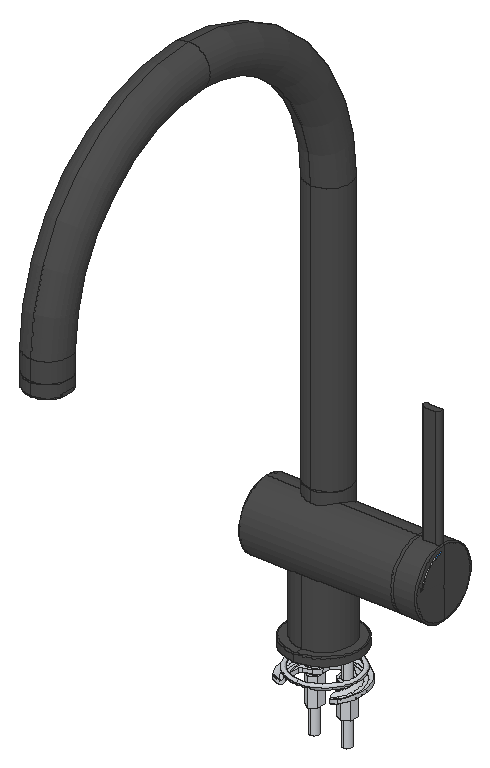
Revit family "Reece_Tap_Roca_Ona_Sink Mixer_Gooseneck", category Plumbing Fixtures, host Face, Revit 2018
Family settings
  Host = Face
  Round Connector Dimension = Use Diameter
  Part Type = Normal
  Cut with Voids When Loaded = No
  Shared = Yes
  Room Calculation Point = Yes
Parameters (values of type "225 mm_Matte Black")
  WFU = 0  # constant formula
  URL = "https://www.reece.com.au/product/-13718"
  Type Comments = "Tap"
  Reece_Tap_Reach = 225 mm  # constant formula
  Reece_Tap_Inlet = 12 mm  # constant formula
  Reece_Tap_Clearance = 249 mm  # constant formula
  Reece_Product_Web Page = "https://www.reece.com.au/product/-13718"
  Reece_Product_Type = "Tap"  # constant formula
  Reece_Product_Sub Brand = "Ona"  # constant formula
  Reece_Product_Number = "13718"
  Reece_Product_Mount = "Hob Mounted"  # constant formula
  Reece_Product_Description = "Roca Ona Gooseneck Sink Mixer Tap Matte Black (5 Star) Lead Free"
  Reece_Product_Brand = "Roca"  # constant formula
  Reece_Overall_Height = 400 mm  # constant formula
  Reece_Material_Tap_Hot = Render_Hot_Water_Cap
  Reece_Material_Tap_Cold = Render_Cold_Water_Cap
  Reece_Material_Secondary = Reece_Cap_Grey
  Reece_Material_Main = Reece_Brass_Matte Black
  Reece_Detail_Installation = ""
  Reece_Detail_Disclaimer = "THIS FILE IS THE PROPERTY OF THE REECE GROUP. IT MAY NOT BE REPRODUCED, REVERSE-ENGINEERED, OR MODIFIED. ANY REPUBLICATION, TRANSMISSION, OR DISTRIBUTION FOR THE PURPOSE OF COMMERCIALLY EXPLOITING THE FILES IS PROHIBITED."  # constant formula
  Reece_Detail_Connector = ""
  Reece_Detail_Additional = "Sink Mixer\r\n"  # constant formula
  Model = "Ona"
  Manufacturer = "Roca"
  Keynote = "Product #13718, Reece_Tap_Roca_Ona_Sink Mixer_Gooseneck - 225 mm_Matte Black"
  HWFU = 0  # constant formula
  Disclaimer = "THIS FILE IS THE PROPERTY OF THE REECE GROUP. IT MAY NOT BE REPRODUCED, REVERSE-ENGINEERED, OR MODIFIED. ANY REPUBLICATION, TRANSMISSION, OR DISTRIBUTION FOR THE PURPOSE OF COMMERCIALLY EXPLOITING THE FILES IS PROHIBITED."  # constant formula
  Description = "Roca Ona Gooseneck Sink Mixer Tap Matte Black (5 Star) Lead Free"
  Default Elevation = 1000 mm
  CWFU = 0  # constant formula
Types (5, lengths in mm): name | URL | Reece_Product_Web Page | Reece_Product_Number | Reece_Product_Description | Reece_Material_Main | Keynote | Description
  225 mm_Brushed Nickel | "https://www.reece.com.au/product/-13720" | "https://www.reece.com.au/product/-13720" | "13720" | "Roca Ona Gooseneck Sink Mixer Tap Brushed Nickel (5 Star) Lead Free" | Reece_Brass_Brushed Nickel | "Product #13720, Reece_Tap_Roca_Ona_Sink Mixer_Gooseneck - 225 mm_Brushed Nickel" | "Roca Ona Gooseneck Sink Mixer Tap Brushed Nickel (5 Star) Lead Free"
  225 mm_Brushed Brass | "https://www.reece.com.au/product/-13721" | "https://www.reece.com.au/product/-13721" | "13721" | "Roca Ona Gooseneck Sink Mixer Tap Brushed Brass (5 Star) Lead Free" | Reece_Brass_Brushed | "Product #13721, Reece_Tap_Roca_Ona_Sink Mixer_Gooseneck - 225 mm_Brushed Brass" | "Roca Ona Gooseneck Sink Mixer Tap Brushed Brass (5 Star) Lead Free"
  225 mm_Chrome | "https://www.reece.com.au/product/-13717" | "https://www.reece.com.au/product/-13717" | "13717" | "Roca Ona Gooseneck Sink Mixer Tap Chrome (5 Star) Lead Free" | Reece_Brass_Chrome | "Product #13717, Reece_Tap_Roca_Ona_Sink Mixer_Gooseneck - 225 mm_Chrome" | "Roca Ona Gooseneck Sink Mixer Tap Chrome (5 Star) Lead Free"
  225 mm_Matte Black | "https://www.reece.com.au/product/-13718" | "https://www.reece.com.au/product/-13718" | "13718" | "Roca Ona Gooseneck Sink Mixer Tap Matte Black (5 Star) Lead Free" | Reece_Brass_Matte Black | "Product #13718, Reece_Tap_Roca_Ona_Sink Mixer_Gooseneck - 225 mm_Matte Black" | "Roca Ona Gooseneck Sink Mixer Tap Matte Black (5 Star) Lead Free"
  225 mm_Matte White | "https://www.reece.com.au/product/-13719" | "https://www.reece.com.au/product/-13719" | "13719" | "Roca Ona Gooseneck Sink Mixer Tap Matte White (5 Star) Lead Free" | Reece_Brass_Brushed Matte White | "Product #13719, Reece_Tap_Roca_Ona_Sink Mixer_Gooseneck - 225 mm_Matte White" | "Roca Ona Gooseneck Sink Mixer Tap Matte White (5 Star) Lead Free"
Reference planes
  plane 1 "Center (Front/Back)": y = 0
  plane 2: z = 0
  plane 3 "Center (Left/Right)": x = 0
  plane 4: y = 4
  plane 5: z = 400
  plane 6: y = -225
  plane 7 "fRONT rEVOLVE": y = -3
  plane 8: z = 65
  plane 9: z = 165
  plane 10: x = -35
  plane 11: x = 81
  plane 12: z = 249
Forms (mm)
  Revolve 1, solid
    sketch origin (0, 0, 0) x (0, 1, 0) y (0, 0, 1)
      loop
        circle (22.2, -14) r 1.3
      axis (1, -14) -> (1, -13)
    angle from 0 to 360
  Extrusion 2, void
    sketch origin (0, 2, 3) x (1, 0, 0) y (0, 1, 0)
      loop
        circle (-10.749, 4.019) r 3.519
      loop
        circle (10.75, 4) r 3.5
    from -6.653 to 4
  Extrusion 3, solid
    sketch origin (0, 2, 3) x (0, 1, 0) y (1, 0, 0)
      loop
        circle (4, 10.75) r 3
      loop
        circle (4, -10.75) r 3
    from 0 to 61.5
  Revolve 4, solid
    sketch origin (0, 0, 0) x (0, 1, 0) y (0, 0, 1)
      loop
        arc (18.75, -21.5) -> (21.75, -23) -> (24.75, -21.5) r 3.75
        line (24.75, -21.5) -> (25.75, -21.5) -> (25.75, -19)
        arc (25.75, -19) -> (24.212, -19.499) -> (22.941, -20.498) r 4.61
        arc (22.941, -20.498) -> (21.841, -21) -> (20.728, -20.527) r 1.5
        arc (20.728, -20.527) -> (19.122, -19.398) -> (17.2, -19) r 4.84
        line (17.2, -19) -> (17.2, -21.5) -> (18.75, -21.5)
      axis (0, -19) -> (0, -21.5)
    angle from 0 to 360
  Extrusion 5, solid
    sketch origin (0, 0, -23) x (1, 0, 0) y (0, 1, 0)
      loop
        arc (-9.053, 2.711) -> (-6.961, 7.197) -> (-11.447, 9.289) r 3.5
        line (-11.447, 9.289) -> (-13.326, 8.605)
        arc (-13.326, 8.605) -> (-15.418, 4.119) -> (-10.932, 2.027) r 3.5
        line (-10.932, 2.027) -> (-9.053, 2.711)
      loop
        arc (-5.01, 5.791) -> (-6.06, 3.288) -> (-8.263, 1.702) r 5
        line (-8.263, 1.702) -> (-13.684, -0.271)
        arc (-13.684, -0.271) -> (-14.638, -1.003) -> (-15, -2.15) r 2
        line (-15, -2.15) -> (-15, -8.417)
        arc (-15, -8.417) -> (0, 17.2) -> (15, -8.417) r 17.2
        line (15, -8.417) -> (15, -2.15)
        arc (15, -2.15) -> (14.638, -1.003) -> (13.684, -0.271) r 2
        line (13.684, -0.271) -> (8.263, 1.702)
        arc (8.263, 1.702) -> (6.06, 3.288) -> (5.01, 5.791) r 5
        line (5.01, 5.791) -> (4.466, 10.221)
        arc (4.466, 10.221) -> (0, 14.173) -> (-4.466, 10.221) r 4.5
        line (-4.466, 10.221) -> (-5.01, 5.791)
      loop
        arc (11.447, 9.289) -> (6.961, 7.197) -> (9.053, 2.711) r 3.5
        line (9.053, 2.711) -> (10.932, 2.027)
        arc (10.932, 2.027) -> (15.418, 4.119) -> (13.326, 8.605) r 3.5
        line (13.326, 8.605) -> (11.447, 9.289)
    from 1.5 to 4
  Extrusion 6, void
    sketch origin (0, 0, -23) x (1, 0, 0) y (0, 1, 0)
      loop
        line (27.556, -34.599) -> (27.556, -14.961) -> (20.958, -14.961)
        arc (20.958, -14.961) -> (17.049, -15.272) -> (15, -11.93) r 3.75
        line (15, -11.93) -> (15, -8.417) -> (-15, -8.417) -> (-15, -11.93)
        arc (-15, -11.93) -> (-17.049, -15.272) -> (-20.958, -14.961) r 3.75
        line (-20.958, -14.961) -> (-27.556, -14.961) -> (-27.556, -34.599) -> (27.556, -34.599)
    from 0 to 5
  Extrusion 7, solid
    sketch origin (0, 0, 0) x (1, 0, 0) y (0, 1, 0)
      loop
        circle (10.75, 6) r 3
      loop
        line (10.75, 11.196) -> (6.25, 8.598) -> (6.25, 3.402) -> (10.75, 0.804) -> (15.25, 3.402) -> (15.25, 8.598) -> (10.75, 11.196)
      loop
        circle (-10.75, 6) r 3
      loop
        line (-10.75, 11.196) -> (-15.25, 8.598) -> (-15.25, 3.402) -> (-10.75, 0.804) -> (-6.25, 3.402) -> (-6.25, 8.598) -> (-10.75, 11.196)
    from -41.5 to -23
  Extrusion 8, void
    sketch origin (0, 0, 0) x (1, 0, 0) y (0, 1, 0)
      loop
        circle (0, 0) r 22
    from 0 to -35
  Revolve 9, solid, material "Reece_Brass_Matte Black" <- "Reece_Material_Main"
    sketch origin (0, 0, 0) x (0, 1, 0) y (0, 0, 1)
      loop
        line (0, 0) -> (0, 65) -> (-18, 65) -> (-18, 5) -> (-23.5, 5)
        arc (-23.5, 5) -> (-23.854, 4.854) -> (-24, 4.5) r 0.5
        line (-24, 4.5) -> (-24, 0) -> (0, 0)
      axis (0, 65) -> (0, 0)
    angle from 0 to 360
  Sweep 10, solid, material "Reece_Brass_Matte Black" <- "Reece_Material_Main"
    path origin (0, 0, 0) x (0, 1, 0) y (0, 0, 1)
      loop
        line (4, 65) -> (4, 272)
        arc (4, 272) -> (-29.39, 352.61) -> (-110, 386) r 114
        arc (-110, 386) -> (-191.317, 352.317) -> (-225, 271) r 115
        line (-225, 271) -> (-225, 249)
    profile origin (0, 4, 168.5) x (0, -1, 0) y (1, 0, 0)
      loop
        circle (0, 0) r 14
  Revolve 11, void
    sketch origin (0, 0, 0) x (0, 1, 0) y (0, 0, 1)
      loop
        line (-215, 257.5) -> (-208.882, 257.5) -> (-208.882, 258.579) -> (-215, 257.5)
      loop
        line (-211.658, 249) -> (-211.658, 247.288) -> (-209.947, 247.288) -> (-209.947, 249.658) -> (-211, 249.658) -> (-211.658, 249)
      axis (-225, 258.579) -> (-225, 247.288)
    angle from 0 to 360
  Revolve 12, solid, material "Reece_Brass_Matte Black" <- "Reece_Material_Main"
    sketch origin (0, -3, 0) x (0, 0, 1) y (1, 0, 0)
      loop
        arc (87, -35) -> (87.354, -34.854) -> (87.5, -34.5) r 0.5
        line (87.5, -34.5) -> (87.5, 64)
        arc (87.5, 64) -> (86.704, 65.204) -> (85.5, 66) r 3.607
        line (85.5, 66) -> (87.5, 66) -> (87.5, 79.958)
        arc (87.5, 79.958) -> (87.272, 80.517) -> (86.718, 80.758) r 0.8
        arc (86.718, 80.758) -> (75.86, 80.939) -> (65, 81) r 973.688
        line (65, 81) -> (65, -35) -> (87, -35)
      axis (65, 81) -> (65, -35)
    angle from 0 to 360
  Extrusion 13, solid, material "Reece_Brass_Matte Black" <- "Reece_Material_Main"
    sketch origin (229.565, -47.5, 73.547) x (0, -1, 0) y (1, 0, 0)
      loop
        arc (-42.5, -152.065) -> (-44.5, -150.065) -> (-46.5, -152.065) r 2
        line (-46.5, -152.065) -> (-46.5, -160.065)
        arc (-46.5, -160.065) -> (-44.5, -162.065) -> (-42.5, -160.065) r 2
        line (-42.5, -160.065) -> (-42.5, -152.065)
    from -8.547 to 91.453
  Extrusion 14, void
    sketch origin (81, -4572, 110) x (0, 0, 1) y (0, -1, 0)
      loop
        arc (-25.964, -4566.494) -> (-31.424, -4555.424) -> (-42.494, -4549.964) r 19.2
        line (-42.494, -4549.964) -> (-42.651, -4551.154)
        arc (-42.651, -4551.154) -> (-32.272, -4556.272) -> (-27.154, -4566.651) r 18
        line (-27.154, -4566.651) -> (-25.964, -4566.494)
    from -2 to 2
  Extrusion 15, solid, material "Reece_Cap_Grey" <- "Reece_Material_Secondary"
    sketch origin (81, -4572, 110) x (0, 0, 1) y (0, -1, 0)
      loop
        arc (-38.112, -4552.37) -> (-32.272, -4556.272) -> (-28.37, -4562.112) r 18
        line (-28.37, -4562.112) -> (-27.262, -4561.652)
        arc (-27.262, -4561.652) -> (-31.424, -4555.424) -> (-37.652, -4551.262) r 19.2
        line (-37.652, -4551.262) -> (-38.112, -4552.37)
    from -2 to 2
  Extrusion 16, solid, material "Render_Hot_Water_Cap" <- "Reece_Material_Tap_Hot"
    sketch origin (81, -4572, 110) x (0, 0, 1) y (0, -1, 0)
      loop
        arc (-37.652, -4551.262) -> (-40.031, -4550.454) -> (-42.494, -4549.964) r 19.2
        line (-42.494, -4549.964) -> (-42.651, -4551.154)
        arc (-42.651, -4551.154) -> (-40.341, -4551.613) -> (-38.112, -4552.37) r 18
        line (-38.112, -4552.37) -> (-37.652, -4551.262)
    from -2 to 2
  Extrusion 17, solid, material "Render_Cold_Water_Cap" <- "Reece_Material_Tap_Cold"
    sketch origin (81, -4572, 110) x (0, 0, 1) y (0, -1, 0)
      loop
        arc (-28.37, -4562.112) -> (-27.613, -4564.341) -> (-27.154, -4566.651) r 18
        line (-27.154, -4566.651) -> (-25.964, -4566.494)
        arc (-25.964, -4566.494) -> (-26.454, -4564.031) -> (-27.262, -4561.652) r 19.2
        line (-27.262, -4561.652) -> (-28.37, -4562.112)
    from -2 to 2
  Revolve 18, void
    sketch origin (0, -3, 0) x (0, 0, 1) y (1, 0, 0)
      loop
        line (65, 86) -> (65, 81)
        arc (65, 81) -> (76.251, 80.935) -> (87.5, 80.74) r 973.688
        line (87.5, 80.74) -> (87.5, 86) -> (65, 86)
      axis (65, 86) -> (65, 80.74)
    angle from 0 to 360
  Extrusion 19, void
    sketch origin (0, -225, 249) x (0, -1, 0) y (-1, 0, 0)
      loop
        circle (0, 0) r 10
      loop
        circle (0, 0) r 9
      loop
        line (5, -12.869) -> (-5, -12.869) -> (-5, -15.903) -> (5, -15.903) -> (5, -12.869)
      loop
        line (5, 12.869) -> (5, 15.903) -> (-5, 15.903) -> (-5, 12.869) -> (5, 12.869)
    from 0 to -3
  Revolve 20, void
    sketch origin (0, 0, 0) x (0, 1, 0) y (0, 0, 1)
      loop
        line (11.5, 94.8) -> (11.5, 94) -> (21.5, 94) -> (21.5, 94.8) -> (11.5, 94.8)
      axis (4, 94) -> (4, 95)
    angle from 0 to 360
  Extrusion 21, void
    sketch origin (0, 0, 0) x (1, 0, 0) y (0, 0, 1)
      loop
        circle (0, 103.8) r 3
      loop
        circle (0, 103.8) r 2.5
      loop
        line (-0.57, 104.787) -> (-1.14, 103.8) -> (-0.57, 102.813) -> (0.57, 102.813) -> (1.14, 103.8) -> (0.57, 104.787) -> (-0.57, 104.787)
    from -20.577 to -15.653
  Revolve 22, solid, material "Reece_Brass_Matte Black" <- "Reece_Material_Main"
    sketch origin (0, -3, 0) x (0, 0, 1) y (1, 0, 0)
      loop
        line (43.666, 75) -> (43.666, 78) -> (42.331, 78) -> (42.331, 75) -> (43.666, 75)
      axis (43.666, 75) -> (42.331, 75)
    angle from 0 to 360
Cuts and joins
  Extrusion 6 cuts Revolve 4
  Extrusion 2, Revolve 18 cuts Revolve 9
  Revolve 11, Revolve 18, Extrusion 19, Revolve 20, Extrusion 21 cuts Sweep 10
  Extrusion 14, Revolve 18 cuts Revolve 12
  Revolve 18 cuts Extrusion 13
  joined: Revolve 9, Sweep 10, Revolve 12, Extrusion 13, Revolve 22
  Revolve 18 cuts Extrusion 15
  Revolve 18 cuts Extrusion 16
  Revolve 18 cuts Extrusion 17
Text (mm)
  text "Reece ©" at (-433.986, -212.884, 0), in view "Ref. Level"
  text "Reece ©" at (-1.128, 151.197, 130.104), in view "Reece Preview"
Dimensions and locks
  "Reece_Overall_Height": plane 5 to host face
  "Reece_Tap_Reach": plane 6 to plane 1 "Center (Front/Back)"
  "Reece_Tap_Clearance": plane 12 to host face
  aligned and locked: plane 2 to host face
  aligned and locked: level to host face
  aligned and locked: plane 1 "Center (Front/Back)" to Revolve 9 sketch curve
  aligned and locked: Extrusion 13 to plane 8
  aligned and locked: plane 9 to Extrusion 13
  aligned and locked: Extrusion 15 sketch curve to cut or joined group 1 (Extrusion 2, Revolve 9, Sweep 10, Revolve 11, Revolve 12, Extrusion 13, Extrusion 14, Revolve 18, Extrusion 19, Revolve 20, Extrusion 21, Revolve 22)  (x2)
  aligned and locked: Extrusion 16 sketch curve to cut or joined group 1  (x3)
  aligned and locked: Extrusion 16 sketch curve to Extrusion 15
  aligned and locked: Extrusion 17 sketch curve to Extrusion 15
  aligned and locked: Extrusion 17 sketch curve to cut or joined group 1  (x3)
Automatic sketch dimensions
  host sketch curve to host sketch curve = 380.785 mm
  host sketch curve to host sketch curve = 317.421 mm
  plane 4 to Revolve 1 sketch curve = 18.2 mm
  Revolve 1 sketch curve to level = 14 mm  (x2)
  Revolve 1 sketch curve to plane 1 "Center (Front/Back)" = 1 mm
  Revolve 1 sketch curve to Revolve 1 sketch curve = 4.102 mm
  plane 4 to Extrusion 2 sketch curve = 2.019 mm
  Extrusion 2 sketch curve to plane 3 "Center (Left/Right)" = 10.749 mm
  plane 4 to Extrusion 2 sketch curve = 2 mm
  plane 3 "Center (Left/Right)" to Extrusion 2 sketch curve = 10.75 mm
  plane 4 to Extrusion 3 sketch curve = 2 mm  (x2)
  plane 3 "Center (Left/Right)" to Extrusion 3 sketch curve = 10.75 mm
  Extrusion 3 sketch curve to plane 3 "Center (Left/Right)" = 10.75 mm
  Revolve 4 sketch curve to plane 1 "Center (Front/Back)" = 0 mm
  plane 4 to Revolve 4 sketch curve = 13.2 mm
  Revolve 4 sketch curve to Revolve 4 sketch curve = 1.55 mm
  Revolve 4 sketch curve to Revolve 4 sketch curve = 3 mm
  Revolve 4 sketch curve to Revolve 4 sketch curve = 0.072 mm
  Revolve 4 sketch curve to Revolve 4 sketch curve = 2.928 mm
  Revolve 4 sketch curve to Revolve 4 sketch curve = 1 mm
  Revolve 4 sketch curve to Revolve 4 sketch curve = 0.632 mm
  Revolve 4 sketch curve to level = 23.84 mm
  Revolve 4 sketch curve to Revolve 4 sketch curve = 0.274 mm
  Revolve 4 sketch curve to Revolve 4 sketch curve = 2.34 mm
  Revolve 4 sketch curve to Revolve 4 sketch curve = 2 mm
  Revolve 4 sketch curve to Revolve 4 sketch curve = 0.25 mm
  Revolve 4 sketch curve to Revolve 4 sketch curve = 2.5 mm  (x2)
  Revolve 4 sketch curve to Revolve 4 sketch curve = 0 mm
  Revolve 4 sketch curve to Revolve 4 sketch curve = 316.97 mm
  plane 5 to Revolve 4 sketch curve = 443.832 mm
  plane 1 "Center (Front/Back)" to Extrusion 5 sketch curve = 0 mm
  Extrusion 5 sketch curve to plane 3 "Center (Left/Right)" = 0 mm  (x2)
  Extrusion 5 sketch curve to plane 3 "Center (Left/Right)" = 4.466 mm
  plane 4 to Extrusion 5 sketch curve = 1.791 mm  (x2)
  Extrusion 5 sketch curve to Extrusion 5 sketch curve = 0.544 mm  (x2)
  Extrusion 5 sketch curve to plane 1 "Center (Front/Back)" = 1.702 mm  (x2)
  Extrusion 5 sketch curve to Extrusion 5 sketch curve = 3.253 mm  (x2)
  Extrusion 5 sketch curve to plane 4 = 1.289 mm  (x2)
  Extrusion 5 sketch curve to Extrusion 5 sketch curve = 0.79 mm  (x2)
  plane 4 to Extrusion 5 sketch curve = 2.401 mm  (x2)
  Extrusion 5 sketch curve to Extrusion 5 sketch curve = 0.277 mm  (x2)
  Extrusion 5 sketch curve to plane 4 = 1.973 mm  (x2)
  Extrusion 5 sketch curve to Extrusion 5 sketch curve = 1.879 mm  (x6)
  plane 4 to Extrusion 5 sketch curve = 5.289 mm  (x2)
  Extrusion 5 sketch curve to Extrusion 5 sketch curve = 1.474 mm  (x2)
  plane 7 "fRONT rEVOLVE" to Extrusion 5 sketch curve = 0.85 mm  (x2)
  Extrusion 5 sketch curve to Extrusion 5 sketch curve = 2.068 mm  (x2)
  plane 4 to Extrusion 5 sketch curve = 4.605 mm  (x2)
  plane 1 "Center (Front/Back)" to Extrusion 5 sketch curve = 0.271 mm  (x2)
  Extrusion 5 sketch curve to Extrusion 5 sketch curve = 0.684 mm  (x2)
  plane 3 "Center (Left/Right)" to Extrusion 5 sketch curve = 4.466 mm
  Extrusion 5 sketch curve to plane 7 "fRONT rEVOLVE" = 5.417 mm
  plane 4 to Extrusion 5 sketch curve = 5.673 mm
  Extrusion 5 sketch curve to Extrusion 5 sketch curve = 4.43 mm
  plane 10 to Extrusion 6 sketch curve = 7.444 mm
  Extrusion 6 sketch curve to Extrusion 6 sketch curve = 6.599 mm  (x2)
  Extrusion 6 sketch curve to Extrusion 6 sketch curve = 2.208 mm  (x2)
  Extrusion 6 sketch curve to Extrusion 6 sketch curve = 3.75 mm  (x2)
  Extrusion 6 sketch curve to plane 7 "fRONT rEVOLVE" = 5.417 mm
  plane 3 "Center (Left/Right)" to Extrusion 6 sketch curve = 15 mm
  Extrusion 6 sketch curve to Extrusion 6 sketch curve = 3.513 mm
  Extrusion 6 sketch curve to Extrusion 6 sketch curve = 3.514 mm
  Extrusion 6 sketch curve to Extrusion 6 sketch curve = 19.637 mm
  plane 4 to Extrusion 7 sketch curve = 4.598 mm  (x4)
  Extrusion 7 sketch curve to plane 3 "Center (Left/Right)" = 15.25 mm
  Extrusion 7 sketch curve to plane 1 "Center (Front/Back)" = 0.804 mm  (x2)
  Extrusion 7 sketch curve to Extrusion 7 sketch curve = 4.5 mm  (x6)
  plane 4 to Extrusion 7 sketch curve = 2 mm  (x2)
  Extrusion 7 sketch curve to Extrusion 7 sketch curve = 0 mm  (x2)
  plane 3 "Center (Left/Right)" to Extrusion 7 sketch curve = 6.25 mm
  Extrusion 7 sketch curve to plane 4 = 0.598 mm  (x4)
  Extrusion 7 sketch curve to Extrusion 7 sketch curve = 5.196 mm  (x2)
  Extrusion 8 sketch curve to Extrusion 8 sketch curve = 0 mm  (x2)
  Extrusion 8 sketch curve to plane 3 "Center (Left/Right)" = 0 mm
  plane 1 "Center (Front/Back)" to Extrusion 8 sketch curve = 0 mm
  Extrusion 8 sketch curve to plane 7 "fRONT rEVOLVE" = 19 mm
  Revolve 9 sketch curve to level = 0 mm
  Revolve 9 sketch curve to plane 8 = 0 mm
  Revolve 9 sketch curve to plane 1 "Center (Front/Back)" = 0 mm
  level to Revolve 9 sketch curve = 5 mm
  Revolve 9 sketch curve to plane 7 "fRONT rEVOLVE" = 15 mm
  Revolve 9 sketch curve to Revolve 9 sketch curve = 5.5 mm
  Revolve 9 sketch curve to Revolve 9 sketch curve = 0.5 mm
  plane 8 to Revolve 9 sketch curve = 22.564 mm
  Revolve 9 sketch curve to plane 9 = 27.436 mm
  Sweep 10 sketch curve to plane 6 = 0 mm
  Sweep 10 sketch curve to plane 4 = 0 mm
  Sweep 10 sketch curve to plane 8 = 0 mm
  Sweep 10 sketch curve to plane 7 "fRONT rEVOLVE" = 107 mm
  plane 9 to Sweep 10 sketch curve = 106 mm
  Sweep 10 sketch curve to Sweep 10 sketch curve = 1 mm
  Sweep 10 sketch curve to Sweep 10 sketch curve = 22 mm
  Sweep 10 sketch curve to Sweep 10 sketch curve = 0 mm
  Sweep 10 sketch curve to plane 3 "Center (Left/Right)" = 0 mm
  Sweep 10 sketch curve to profile plane = 0 mm
  Revolve 11 sketch curve to plane 6 = 0 mm
  plane 6 to Revolve 11 sketch curve = 10 mm
  Revolve 11 sketch curve to Revolve 11 sketch curve = 3.342 mm
  Revolve 11 sketch curve to Revolve 11 sketch curve = 0.658 mm  (x2)
  Revolve 11 sketch curve to Revolve 11 sketch curve = 1.053 mm
  Revolve 11 sketch curve to Revolve 11 sketch curve = 6.118 mm
  plane 9 to Revolve 11 sketch curve = 82.288 mm
  Revolve 11 sketch curve to Revolve 11 sketch curve = 1.712 mm
  Revolve 11 sketch curve to Revolve 11 sketch curve = 7.842 mm
  Revolve 11 sketch curve to Revolve 11 sketch curve = 1.079 mm
  Revolve 11 sketch curve to Revolve 11 sketch curve = 8.288 mm
  Revolve 11 sketch curve to Revolve 11 sketch curve = 10 mm
  Revolve 12 sketch curve to plane 8 = 0 mm  (x2)
  Revolve 12 sketch curve to plane 10 = 0 mm
  Revolve 12 sketch curve to plane 11 = 0 mm
  plane 8 to Revolve 12 sketch curve = 19.154 mm
  Revolve 12 sketch curve to Revolve 12 sketch curve = 1.346 mm  (x2)
  Revolve 12 sketch curve to plane 11 = 1.042 mm
  Revolve 12 sketch curve to Revolve 12 sketch curve = 1.2 mm
  plane 8 to Revolve 12 sketch curve = 22 mm
  Revolve 12 sketch curve to Revolve 12 sketch curve = 0.8 mm
  plane 10 to Revolve 12 sketch curve = 0.5 mm
  Revolve 12 sketch curve to Revolve 12 sketch curve = 857.688 mm
  Revolve 12 sketch curve to Revolve 12 sketch curve = 17.304 mm
  Revolve 12 sketch curve to Revolve 12 sketch curve = 4.148 mm
  Revolve 12 sketch curve to Revolve 12 sketch curve = 10 mm
  Extrusion 13 sketch curve to plane 7 "fRONT rEVOLVE" = 0 mm
  plane 1 "Center (Front/Back)" to Extrusion 13 sketch curve = 1 mm
  Extrusion 13 sketch curve to plane 11 = 11.5 mm
  Extrusion 13 sketch curve to plane 11 = 3.5 mm
  Extrusion 14 sketch curve to Extrusion 14 sketch curve = 0 mm  (x2)
  Extrusion 14 sketch curve to plane 7 "fRONT rEVOLVE" = 0 mm
  Extrusion 14 sketch curve to plane 8 = 0 mm
  plane 8 to Extrusion 14 sketch curve = 2.349 mm
  Extrusion 14 sketch curve to Extrusion 14 sketch curve = 0.157 mm
  Extrusion 14 sketch curve to plane 7 "fRONT rEVOLVE" = 2.349 mm
  plane 8 to Extrusion 14 sketch curve = 17.846 mm
  Extrusion 14 sketch curve to plane 7 "fRONT rEVOLVE" = 2.506 mm
  Extrusion 14 sketch curve to Extrusion 14 sketch curve = 1.19 mm
  plane 8 to Extrusion 15 sketch curve = 6.888 mm
  Extrusion 15 sketch curve to Extrusion 15 sketch curve = 0.459 mm
  Extrusion 15 sketch curve to plane 7 "fRONT rEVOLVE" = 6.888 mm
  Extrusion 15 sketch curve to plane 7 "fRONT rEVOLVE" = 7.348 mm
  Revolve 18 sketch curve to plane 8 = 0 mm  (x2)
  Revolve 18 sketch curve to plane 11 = 0 mm
  Revolve 18 sketch curve to plane 11 = 0.26 mm
  Revolve 18 sketch curve to Revolve 18 sketch curve = 22.5 mm
  plane 11 to Revolve 18 sketch curve = 5 mm
  Revolve 18 sketch curve to plane 10 = 14.148 mm
  Revolve 18 sketch curve to plane 10 = 4.148 mm
  Extrusion 19 sketch curve to Extrusion 19 sketch curve = 5 mm  (x2)
  Extrusion 19 sketch curve to Extrusion 19 sketch curve = 10 mm  (x2)
  Extrusion 19 sketch curve to Extrusion 19 sketch curve = 12.869 mm  (x2)
  Extrusion 19 sketch curve to Extrusion 19 sketch curve = 3.034 mm  (x2)
  Revolve 20 sketch curve to plane 4 = 0 mm
  plane 4 to Revolve 20 sketch curve = 7.5 mm
  Revolve 20 sketch curve to Revolve 20 sketch curve = 10 mm
  plane 8 to Revolve 20 sketch curve = 29 mm
  Revolve 20 sketch curve to Revolve 20 sketch curve = 0.8 mm
  level to Revolve 20 sketch curve = 24 mm
  Revolve 20 sketch curve to Revolve 20 sketch curve = 9.2 mm
  Extrusion 21 sketch curve to Extrusion 21 sketch curve = 0 mm  (x2)
  Extrusion 21 sketch curve to plane 3 "Center (Left/Right)" = 0 mm
  plane 8 to Extrusion 21 sketch curve = 38.8 mm
  Revolve 22 sketch curve to plane 11 = 3 mm
  Revolve 22 sketch curve to plane 8 = 22.669 mm
  Revolve 22 sketch curve to Revolve 22 sketch curve = 1.335 mm
  Revolve 22 sketch curve to Revolve 22 sketch curve = 11.134 mm
  Revolve 22 sketch curve to Revolve 22 sketch curve = 2.53 mm
  Revolve 22 sketch curve to Revolve 22 sketch curve = 3 mm
  Revolve 22 sketch curve to plane 11 = 6 mm
  radius of Revolve 1 sketch curve = 1.3 mm
  radius of Extrusion 2 sketch curve = 3.519 mm
  radius of Extrusion 2 sketch curve = 3.5 mm
  radius of Extrusion 3 sketch curve = 3 mm  (x2)
  radius of Extrusion 7 sketch curve = 3 mm  (x2)
  radius of Sweep 10 sketch curve = 14 mm
  radius of Extrusion 19 sketch curve to Sweep 10 = 4 mm
  radius of Extrusion 19 sketch curve to Sweep 10 = 5 mm
  radius of Extrusion 21 sketch curve = 3 mm
  radius of Extrusion 21 sketch curve = 2.5 mm
Connectors
  piping at (-10.75, 6, 3), diameter 12, driven by "Reece_Tap_Inlet"
    settings: on Extrusion 3, index 1, connector inside diameter 609.6 mm, connector length 0 mm, flow factor 0, pipe flow 0.0 L/s, pressure drop 0.0 Pa, fitting loss kfactor 0, connector angle 0.00°, fixture units 0, engagement length 0 mm, angle of deflection 0.00°, flow configuration 0, flow direction 1, fitting loss method 0, system type 29, joint type 0, gender type 0, connector reference index -1, connector utility 0, adjustable connector no, is connector primary yes, connector description ""
  piping at (10.75, 6, 3), diameter 12, driven by "Reece_Tap_Inlet"
    settings: on Extrusion 3, index 2, connector inside diameter 609.6 mm, connector length 0 mm, flow factor 0, pipe flow 0.0 L/s, pressure drop 0.0 Pa, fitting loss kfactor 0, connector angle 0.00°, fixture units 0, engagement length 0 mm, angle of deflection 0.00°, flow configuration 0, flow direction 1, fitting loss method 0, system type 29, joint type 0, gender type 0, connector reference index -1, connector utility 0, adjustable connector no, is connector primary no, connector description ""
